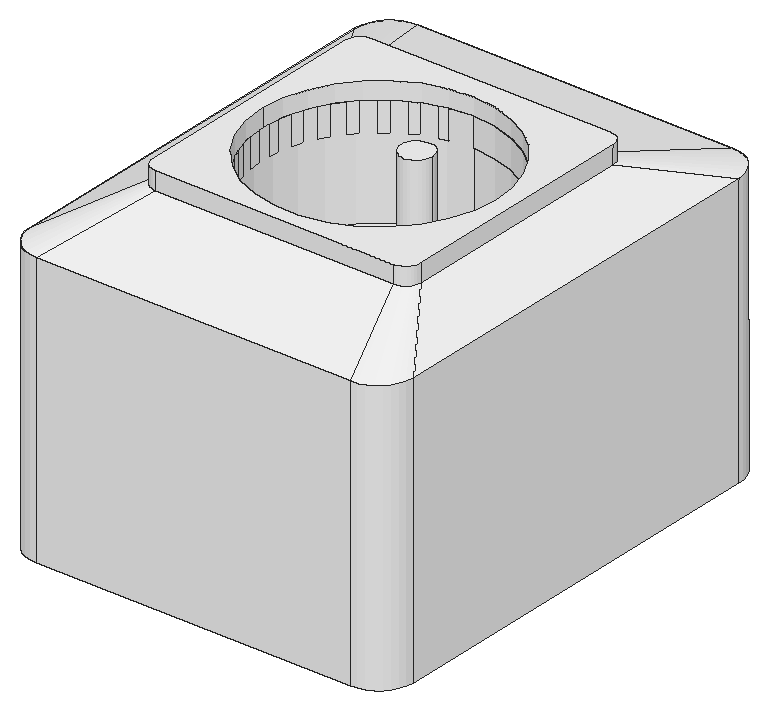
Revit family "Domotics-SerieCivili-GEWISS-27COMBI_SYSTEM-IP40_PRESA_FRA", category Apparecchi elettrici, host Superficie, Revit 2016
Family settings
  Host = Superficie
  Mantenere orientamento annotazione = Sì
  Tipo di parte = Normale
  Quota connettore circolare = Usa diametro
  Taglio con vuoti quando caricato = No
  Condiviso = No
  Punto di calcolo locali = Sì
Parameters (values of type "GW27815 - Con presa std francese")
  Volt = 230 V
  Viti coperchio = "Acciaio resistente alla corrosione"
  Vista in pianta [instance] = yes
  Versione file RFA = "19.4"
  URL = "https://www.gewiss.com/it/it"
  Tipo sfondabili = "Asportabili con utensile"
  Termopressione con biglia = "70 °C"
  Tensione: = "250 V ac"
  Tensione = "250 V ac"
  Temperatura di installazione = "-25 +60 °C"
  TXT ELETTRICO = "16"
  Simbolo [instance] = yes
  Scheda Tecnica = "https://www.gewiss.com/it/it/search?q=GW27815"
  SEO = "Contenitore"
  Default Elevation = 1219.2 mm
  Produttore = "GEWISS S.p.A."
  Norma di riferimento: = "IEC 60884-1"
  Norma di riferimento = "IEC 60884-1"
  N. poli = 1
  N. fori Ã˜ 23 sfondabili: = "Laterali 3 / Sul fondo 1"
  N. fori Ã˜ 23 con passacavo = "1"
  Modello = "GW27815"
  Immagine tipo = GW27815.jpg
  IFC.TypeObject = ""
  IFC.ExportType = ""
  IFC.ExportAs = ""
  IDT = "fbbf6834-0273-40a1-8642-03697b5d28ce"
  IDF = "2cfa168d-26fe-4229-b501-dc704b39956e"
  Grado di protezione = "IP40"
  Glow Wire Test = "650°C"
  Distanza_x [instance] = 0 mm
  Distanza_effettiva_y [instance] = 100 mm
  Distanza_effettiva_x [instance] = 1000 mm - Distanza_x  # 1000 mm
  Distanza orizzontale del simbolo [instance] = 176.185 mm
  Distanza dal muro [instance] = 4.208 mm
  Dim. esterne BxHxP (mm) = "66x82x55"
  Descrizione: = "Presa 2P+T - 16 A"
  Descrizione = "PRESA STD FRA.2P+T 16A PROTETTA"
  Creato da GEWISS S.p.A. = ""
  Coppia serraggio viti = "0,8NM"
  Colore = "Grigio RAL 7035"
  Codice Electrocod = "0131"
  Codice EAN = "8011564095434"
  Classe isolamento = "II"
  Catalogo Serie = "27COMBI"
  Catalogo = "DOMOTICS"
  Carico apparente = 0 VA
  Caratteristiche = "Standard Francese"
  COBie.Tagnumber = ""
  COBie.CreatedOn = ""
  COBie.CreatebBy = ""
  COBie.ComponentRegisterItemID = ""
  COBie.Component.TagNumber = ""
  COBie.Component.Space = ""
  COBie.Component.SerialNumber = ""
  COBie.Component.InstallationDate = ""
  COBie.Component.Description = ""
  COBie.Component.BarCode = ""
Reference planes
  plane 1 "Centro (Fronte/Retro)": y = 0
  plane 2: z = 0
  plane 3 "Centro (Sinistra/Destra)": x = 0
  plane 4: x = -1000
  plane 5: x = 0
  plane 6: y = 100
Lines and regions (mm)
  Masking region 1, visible <- "Vista in pianta"
    outline origin (0, 0, 0) x (1, 0, 0) y (0, 0, 1)
      loop
        line (-33, 55) -> (-33, 0) -> (33, 0) -> (33, 55) -> (-33, 55)
  Masking region 2, visible <- "Vista in pianta"
    outline origin (0, 0, 0) x (0, 1, 0) y (0, 0, 1)
      loop
        line (-41, 55) -> (-41, 0) -> (41, 0) -> (41, 55) -> (-41, 55)
Dimensions and locks
  plane 4 to plane 3 "Centro (Sinistra/Destra)" = 1000 mm
  "Distanza_effettiva_x": plane 4 to plane 5
  "Distanza_effettiva_y": plane 6 to plane 1 "Centro (Fronte/Retro)"
  aligned and locked: plane 2 to host face
  aligned and locked: level to host face
  aligned and locked: plane 3 "Centro (Sinistra/Destra)" to nested 1
  aligned and locked: plane 1 "Centro (Fronte/Retro)" to nested 1
  aligned and locked: nested 2 to plane 6
  aligned and locked: plane 5 to nested 2
  aligned and locked: Masking region 1 sketch curve to nested 1  (x4)
  aligned and locked: Masking region 2 sketch curve to nested 1  (x3)
Automatic sketch dimensions
  host sketch curve to host sketch curve = 2438.4 mm  (x2)
  plane 1 "Centro (Fronte/Retro)" to Masking region 2 sketch curve = 41 mm
Nested families
  nested 1: "System Contenitori IP40 Compl Prese Fra_GENERICO" at (0, 0, 0), type "GW27815 Presa standard Francese 2P+T 16A protetta"
  nested 2: "SIMBOLO PRESE" at (0, 100, 0), TESTO ELETTRICO <- "TXT ELETTRICO", Distanza dal muro <- "Distanza dal muro", SIMBOLO <- "Simbolo", visible <- "Simbolo", type "PRESA"
    with TESTO ELETTRICO "16", SIMBOLO yes, Distanza dal muro 4.208 mm, BORDO ACCESO yes
Connectors
  electrical at (0, 0, 0), driven by "N. poli", driven by "Volt", driven by "Carico apparente"
    settings: on nested 1, index 1, voltage 230 V, apparent load 0 VA, apparent load phase1 0 VA, apparent load phase2 0 VA, apparent load phase3 0 VA, power factor 1, load classification "Altro", number of poles 1, system type 31, power factor state 1, is connector primary yes, connector utility no, sub classification motor no, connector description ""
Definition of nested family "System Contenitori IP40 Compl Prese Fra_GENERICO"
  Parameters (values of type "GW27815 Presa standard Francese 2P+T 16A protetta")
    Profondità = 55 mm
    Lunghezza = 82 mm
    Larghezza = 66 mm
    Finitura System IP40 = none
    Altezza da terra = 750 mm
  Reference planes
    plane 1 "Centro (Fronte/Retro)": y = 0
    plane 2: z = 0
    plane 3 "Centro (Sinistra/Destra)": x = 0
    plane 4: x = -33
    plane 5: x = 33
    plane 6 "Lato Estrusione Unione": z = 47
    plane 7 "Faccia Presa Indietro": z = 33
    plane 8: x = -23
    plane 9: x = 23
    plane 10 "Faccia Presa Avanti": z = 55
    plane 11: x = -20.156
    plane 12: z = 52
    plane 13: z = 8
  Forms (mm)
    Blend 1, solid, material <- "Finitura System IP40"
      base sketch origin (0, -791, 55) x (1, 0, 0) y (0, 1, 0)
        loop
          arc (-20.5, 814) -> (-22.268, 813.268) -> (-23, 811.5) r 2.5
          line (-23, 811.5) -> (-23, 770)
          arc (-23, 770) -> (-22.268, 768.232) -> (-20.5, 767.5) r 2.5
          line (-20.5, 767.5) -> (20.5, 767.5)
          arc (20.5, 767.5) -> (22.268, 768.232) -> (23, 770) r 2.5
          line (23, 770) -> (23, 811.5)
          arc (23, 811.5) -> (22.268, 813.268) -> (20.5, 814) r 2.5
          line (20.5, 814) -> (-20.5, 814)
      top sketch origin (0, -791, 55) x (1, 0, 0) y (0, 1, 0)
        loop
          arc (-27, 832) -> (-31.243, 830.243) -> (-33, 826) r 6
          line (-33, 826) -> (-33, 756)
          arc (-33, 756) -> (-31.243, 751.757) -> (-27, 750) r 6
          line (-27, 750) -> (27, 750)
          arc (27, 750) -> (31.243, 751.757) -> (33, 756) r 6
          line (33, 756) -> (33, 826)
          arc (33, 826) -> (31.243, 830.243) -> (27, 832) r 6
          line (27, 832) -> (-27, 832)
      from -3 to -8
    Extrusion 2, solid, material <- "Finitura System IP40"
      sketch origin (0, -791, 55) x (1, 0, 0) y (0, 1, 0)
        loop
          arc (-27, 832) -> (-31.243, 830.243) -> (-33, 826) r 6
          line (-33, 826) -> (-33, 756)
          arc (-33, 756) -> (-31.243, 751.757) -> (-27, 750) r 6
          line (-27, 750) -> (27, 750)
          arc (27, 750) -> (31.243, 751.757) -> (33, 756) r 6
          line (33, 756) -> (33, 826)
          arc (33, 826) -> (31.243, 830.243) -> (27, 832) r 6
          line (27, 832) -> (-27, 832)
        loop
          line (-31, 826) -> (-31, 756)
          arc (-31, 756) -> (-29.828, 753.172) -> (-27, 752) r 4
          line (-27, 752) -> (27, 752)
          arc (27, 752) -> (29.828, 753.172) -> (31, 756) r 4
          line (31, 756) -> (31, 826)
          arc (31, 826) -> (29.828, 828.828) -> (27, 830) r 4
          line (27, 830) -> (-27, 830)
          arc (-27, 830) -> (-29.828, 828.828) -> (-31, 826) r 4
      from -8 to -55
    Extrusion 3, solid, material <- "Finitura System IP40"
      sketch origin (0, -791, 55) x (1, 0, 0) y (0, 1, 0)
        loop
          arc (-20.5, 814) -> (-22.268, 813.268) -> (-23, 811.5) r 2.5
          line (-23, 811.5) -> (-23, 770)
          arc (-23, 770) -> (-22.268, 768.232) -> (-20.5, 767.5) r 2.5
          line (-20.5, 767.5) -> (20.5, 767.5)
          arc (20.5, 767.5) -> (22.268, 768.232) -> (23, 770) r 2.5
          line (23, 770) -> (23, 811.5)
          arc (23, 811.5) -> (22.268, 813.268) -> (20.5, 814) r 2.5
          line (20.5, 814) -> (-20.5, 814)
      from -3 to 0
    Extrusion 4, void
      sketch origin (0, -791, 55) x (1, 0, 0) y (0, 1, 0)
        loop
          circle (0, 790.026) r 20.156
      from 1.5 to -8
    Revolve 5, solid, material <- "Finitura System IP40"
      sketch origin (0, -791, 55) x (0, 0, -1) y (0, 1, 0)
        loop
          line (3, 810.182) -> (22, 810.182) -> (22, 790.026) -> (23, 790.026) -> (23, 811.231) -> (3, 811.231) -> (3, 810.182)
        axis (23, 790.026) -> (3, 790.026)
      angle from 0 to 360
    Extrusion 6, void, detail levels fine
      sketch origin (0, 0, 0) x (1, 0, 0) y (0, 1, 0)
        loop
          circle (-10.75, -5.936) r 3.5
        loop
          circle (10.75, -5.936) r 3.5
      from 8 to 33
    Extrusion 7, solid, material <- "Finitura System IP40", detail levels fine
      sketch origin (0, 0, 0) x (1, 0, 0) y (0, 1, 0)
        loop
          circle (0, 6.964) r 2.7
      from 32 to 52
  Cuts and joins
    Extrusion 4 cuts Blend 1
    Extrusion 4 cuts Extrusion 3
    Extrusion 4 cuts Extrusion 2
    Extrusion 6 cuts Revolve 5
  Lines and regions (mm)
    model lines, detail levels fine
      curve 1: circle (0, 6.964, 33) r 2.7 normal (0, 0, 1)
      curve 2: circle (10.75, -5.936, 33) r 3.5 normal (0, 0, 1)
      curve 3: circle (-10.75, -5.936, 33) r 3.5 normal (0, 0, -1)
  Dimensions and locks
    equal spacing: plane 5, plane 3 "Centro (Sinistra/Destra)", plane 4
    "Larghezza": plane 5 to plane 4
    locked: plane 5 to plane 9 at 10
    locked: plane 8 to plane 4 at 10
    locked: plane 8 to plane 3 "Centro (Sinistra/Destra)" at 23
    "Profondità": plane 2 to plane 10 "Faccia Presa Avanti"
    plane 6 "Lato Estrusione Unione" to plane 12 to plane 10 "Faccia Presa Avanti" = 5 mm, 3 mm
    plane 13 to plane 7 "Faccia Presa Indietro" = 25 mm
    aligned and locked: level to plane 2
    aligned and locked: Blend 1 sketch curve to plane 8
    aligned and locked: Blend 1 sketch curve to plane 9
    aligned and locked: plane 4 to Blend 1 sketch curve
    aligned and locked: plane 5 to Blend 1 sketch curve
    aligned and locked: Blend 1 to plane 6 "Lato Estrusione Unione"
    aligned and locked: plane 4 to Extrusion 2 sketch curve
    aligned and locked: Extrusion 3 sketch curve to plane 8
    aligned and locked: Extrusion 3 sketch curve to plane 9
    aligned and locked: plane 10 "Faccia Presa Avanti" to Extrusion 3
    aligned and locked: Revolve 5 sketch curve to plane 7 "Faccia Presa Indietro"
    aligned and locked: cut or joined group of Extrusion 2, Extrusion 4 to plane 2
    aligned and locked: Extrusion 2 to plane 6 "Lato Estrusione Unione"
    aligned and locked: Blend 1 to Revolve 5
    aligned and locked: Extrusion 3 to cut or joined group of Blend 1, Extrusion 4
    aligned and locked: cut or joined group of Extrusion 3, Extrusion 4 to plane 12
    aligned and locked: Extrusion 6 to plane 13
    aligned and locked: Extrusion 6 to plane 7 "Faccia Presa Indietro"
    aligned and locked: Extrusion 7 to cut or joined group of Revolve 5, Extrusion 6
    aligned and locked: cut or joined group of Blend 1, Extrusion 4 to Extrusion 7
  Automatic sketch dimensions
    plane 11 to Blend 1 sketch curve = 0.344 mm  (x2)
    Blend 1 sketch curve to plane 9 = 2.5 mm  (x2)
    plane 1 "Centro (Fronte/Retro)" to Blend 1 sketch curve = 23.5 mm
    Blend 1 sketch curve to Blend 1 sketch curve = 41.5 mm
    plane 8 to Blend 1 sketch curve = 4 mm  (x2)
    plane 9 to Blend 1 sketch curve = 4 mm  (x2)
    plane 1 "Centro (Fronte/Retro)" to Blend 1 sketch curve = 41 mm
    Blend 1 sketch curve to Blend 1 sketch curve = 70 mm
    Extrusion 2 sketch curve to Extrusion 2 sketch curve = 0 mm  (x8)
    Extrusion 2 sketch curve to plane 5 = 0 mm
    Extrusion 2 sketch curve to Extrusion 2 sketch curve = 2 mm
    plane 8 to Extrusion 2 sketch curve = 4 mm  (x2)
    plane 9 to Extrusion 2 sketch curve = 4 mm  (x2)
    plane 1 "Centro (Fronte/Retro)" to Extrusion 2 sketch curve = 41 mm
    Extrusion 2 sketch curve to Extrusion 2 sketch curve = 70 mm
    plane 11 to Extrusion 3 sketch curve = 0.344 mm  (x2)
    Extrusion 3 sketch curve to plane 9 = 2.5 mm  (x2)
    plane 1 "Centro (Fronte/Retro)" to Extrusion 3 sketch curve = 23.5 mm
    Extrusion 3 sketch curve to Extrusion 3 sketch curve = 41.5 mm
    Extrusion 4 sketch curve to plane 3 "Centro (Sinistra/Destra)" = 0 mm
    plane 1 "Centro (Fronte/Retro)" to Extrusion 4 sketch curve = 0.974 mm
    plane 10 "Faccia Presa Avanti" to Revolve 5 sketch curve = 3 mm
    plane 7 "Faccia Presa Indietro" to Revolve 5 sketch curve = 1 mm
    plane 1 "Centro (Fronte/Retro)" to Revolve 5 sketch curve = 0.974 mm  (x2)
    Revolve 5 sketch curve to plane 1 "Centro (Fronte/Retro)" = 19.182 mm
    Revolve 5 sketch curve to Revolve 5 sketch curve = 1.049 mm
    Revolve 5 sketch curve to plane 10 "Faccia Presa Avanti" = 3.373 mm
    Revolve 5 sketch curve to Revolve 5 sketch curve = 0 mm
    plane 1 "Centro (Fronte/Retro)" to curve 3 = 5.936 mm
    curve 1 to plane 3 "Centro (Sinistra/Destra)" = 0 mm
    plane 1 "Centro (Fronte/Retro)" to curve 2 = 5.936 mm
    curve 3 to plane 3 "Centro (Sinistra/Destra)" = 10.75 mm
    plane 3 "Centro (Sinistra/Destra)" to curve 2 = 10.75 mm
    curve 1 to plane 1 "Centro (Fronte/Retro)" = 6.964 mm
    radius of Extrusion 4 sketch curve = 20.156 mm
    radius of curve 1 = 2.7 mm
    radius of curve 2 = 3.5 mm
    radius of curve 3 = 3.5 mm
Definition of nested family "SIMBOLO PRESE"
  Parameters (values of type "PRESA")
    TESTO ELETTRICO [instance] = "TXT"
    Simbolo = SIMBOLO PRESE_BASE : PRESA
    SIMBOLO [instance] = yes
    Distanza dal muro [instance] = 4.208 mm
    BORDO ACCESO [instance] = yes
  Reference planes
    plane 1: y = 0
    plane 2: x = 0
  Dimensions and locks
    aligned and locked: plane 1 to nested 1
    aligned and locked: plane 2 to nested 1
  Nested families
    nested 1: "SIMBOLO PRESE_BASE" at (0, 0, 0), type <- "Simbolo", TESTO ELETTRICO <- "TESTO ELETTRICO", BORDO ACCESO <- "BORDO ACCESO", visible <- "SIMBOLO", type "PRESA"
      with TESTO ELETTRICO "TXT", BORDO ACCESO yes
  Definition of nested family "SIMBOLO PRESE_BASE"
    Parameters (values of type "PRESA")
      TESTO ELETTRICO [instance] = "TXT"
      Distanza dal muro = 4.208 mm
      BORDO ACCESO [instance] = yes
    Reference planes
      plane 1: y = 0
      plane 2: x = 0
    Lines and regions (mm)
      detail lines, visible <- "BORDO ACCESO", not visible
        curve 1: line (-1.743, 9.208, 0) -> (2.057, 9.208, 0)
        curve 2: line (2.057, 9.208, 0) -> (2.057, 4.208, 0)
        curve 3: line (2.057, 4.208, 0) -> (-1.743, 4.208, 0)
        curve 4: line (-1.743, 4.208, 0) -> (-1.743, 9.208, 0)
        curve 5: line (-1.543, 9.008, 0) -> (1.857, 9.008, 0)
        curve 6: line (1.857, 9.008, 0) -> (1.857, 4.408, 0)
        curve 7: line (1.857, 4.408, 0) -> (-1.543, 4.408, 0)
        curve 8: line (-1.543, 4.408, 0) -> (-1.543, 9.008, 0)
      detail lines
        curve 9: line (0.783, 1.133, 0) -> (-0.783, 1.133, 0)
        curve 10: line (0, 1.133, 0) -> (0, 0.349, 0)
        curve 11: arc (-0.783, 1.916, 0) -> (0, 1.133, 0) -> (0.783, 1.916, 0) r 0.783
    Text (mm)
      label "TXT" at (0.016, 1.578, 0), shows "TESTO ELETTRICO"
